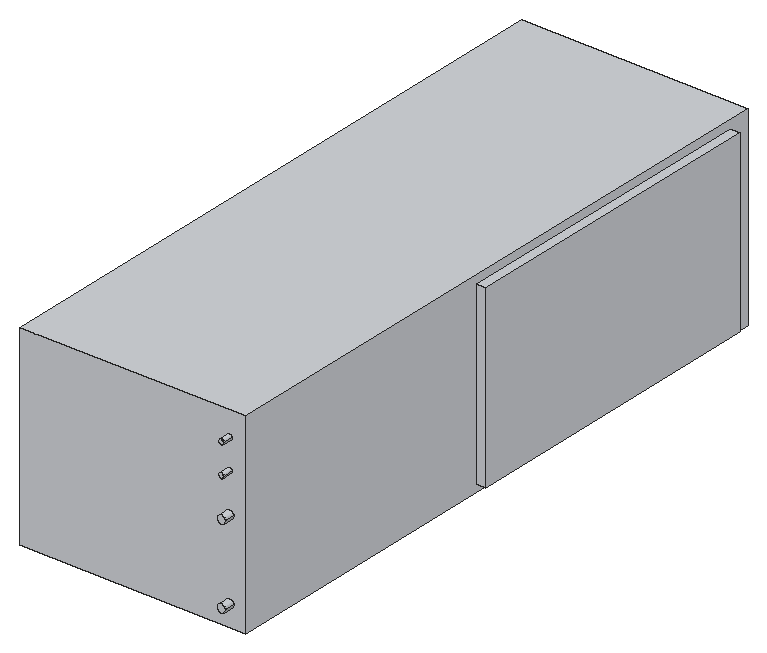
Revit family "M_WSHP - Horizontal - Alta eficiência - 7-18 kW - Retorno direita - Descarga traseira", category Equipamento mecânico, Revit 2019
Family settings
  Cota do conector redondo = Usar raio
  Tipo de parte = Normal
  Número OmniClass = 23.75.10.21.17
  Título OmniClass = Water-Source Heat Pumps
  ID de item do Seek = WSHP - Horizontal - High Efficiency - 7-18 kW - Right Return - Back Discharge-0000-CAN-ENU
  Com base no plano de trabalho = Não
  Sempre na vertical = Sim
  Corte com vazios quando carregada = Não
  Compartilhado = Não
  Ponto de cálculo do ambiente = Não
Parameters (values of type "7 kW")
  Raio do fornecimento de água = 10 mm
  Diâmetro do fornecimento de água = Raio do fornecimento de água * 2  # 20 mm
  Raio do retorno da água = 10 mm
  Diâmetro do retorno da água = Raio do retorno da água * 2  # 20 mm
  Queda de pressão da água [instance] = 24131.6 Pa
  Fluxo da água [instance] = 0.5 L/s
  Voltagem = 208 V
  Largura do ar de fornecimento = 400 mm
  Altura do ar de fornecimento = 325 mm
  Altura do ar de retorno = 450 mm
  Largura do ar de retorno = 800 mm
  Largura da bomba = 1579.9 mm
  Material da bomba = none
  Comprimento da bomba = 568.9 mm
  Altura da bomba = 490.2 mm
  Número de pólos = 3
  Classificação de carga = Refrigeração
  Raio do fornecimento de água quente = 6 mm
  Diâmetro do fornecimento de água quente = Raio do fornecimento de água quente * 2  # 12 mm
  Raio do retorno de água quente = 6 mm
  Diâmetro do retorno de água quente = Raio do retorno de água quente * 2  # 12 mm
  Fluxo da água quente [instance] = 0.32 L/s
  Raio da condensação = 10 mm
  Fluxo da drenagem [instance] = 0.0 L/s
  Diâmetro da condensação = Raio da condensação * 2  # 20 mm
  C6 Deslocamento 1 = 55.9 mm
  C5 Deslocamento 2 = 91.5 mm
  C5 Deslocamento 1 = 50.8 mm
  C4 Deslocamento 1 = 353 mm
  C3 Deslocamento 1 = 429.2 mm
  C2 Deslocamento 1 = 254 mm
  C1 Deslocamento 1 = 53.4 mm
  Carga aparente = 3952 VA
  Pressão estática externa = 149.3 Pa
  Fluxo de ar [instance] = 377.56 L/s
Types (5, lengths in mm): name | Raio do fornecimento de água | Diâmetro do fornecimento de água | Raio do retorno da água | Diâmetro do retorno da água | Queda de pressão da água | Fluxo da água | Largura do ar de fornecimento | Altura do ar de fornecimento | Altura do ar de retorno | Largura do ar de retorno | Largura da bomba | Comprimento da bomba | Altura da bomba | Fluxo da água quente | C5 Deslocamento 2 | C5 Deslocamento 1 | C4 Deslocamento 1 | C3 Deslocamento 1 | C2 Deslocamento 1 | C1 Deslocamento 1 | Carga aparente | Pressão estática externa | Fluxo de ar
  (no name) | 10 | 20 | 10 | 20 | 24131.6 Pa | 0.5 L/s | 400 | 325 | 450 | 800 | 1579.9 | 568.9 | 490.2 | 0.32 L/s | 91.5 | 50.8 | 353 | 429.2 | 254 | 53.4 | 3952 VA | 149.3 Pa | 377.56 L/s
  7 kW | 10 | 20 | 10 | 20 | 24131.6 Pa | 0.5 L/s | 400 | 325 | 450 | 800 | 1579.9 | 568.9 | 490.2 | 0.32 L/s | 91.5 | 50.8 | 353 | 429.2 | 254 | 53.4 | 3952 VA | 149.3 Pa | 377.56 L/s
  11 kW | 10 | 20 | 10 | 20 | 31026.4 Pa | 0.57 L/s | 450 | 475 | 500 | 900 | 1808.5 | 645.1 | 541 | 0.5 L/s | 78.8 | 25.4 | 370.9 | 480 | 274.3 | 151.4 | 5283 VA | 149.3 Pa | 566.34 L/s
  14 kW | 15 | 30 | 15 | 30 | 24821.1 Pa | 0.76 L/s | 450 | 475 | 500 | 1050 | 1935.5 | 645.1 | 541 | 0.63 L/s | 78.8 | 25.4 | 396.3 | 480 | 274.3 | 151.4 | 6780 VA | 199.07 Pa | 755.12 L/s
  18 kW | 15 | 30 | 15 | 30 | 24821.1 Pa | 0.95 L/s | 450 | 475 | 500 | 1150 | 2062.5 | 645.1 | 541 | 0.82 L/s | 78.8 | 25.4 | 396.3 | 480 | 274.3 | 151.4 | 7696 VA | 199.07 Pa | 943.89 L/s
Reference planes
  plane 1 "Centro (Frente/Trás)": y = 0
  plane 2: z = 0
  plane 3 "Centro (Esquerda/Direita)": x = 0
  plane 4: y = 1579.9
  plane 5: x = 568.9
  plane 6: z = 490.2
  plane 7: y = 1524
  plane 8: y = 724
  plane 9: z = 245.1
  plane 10: z = 470.1
  plane 11: z = 20.1
  plane 12: x = 491.5
  plane 13: x = 91.5
  plane 14: y = 1605.3
  plane 15: z = 86.36
  plane 16: z = 86.36
  plane 17: x = 511.75
  plane 18: z = 363.2
  plane 19: x = 40.64
  plane 20: x = 528.26
  plane 21: z = 53.4
  plane 22: z = 254
  plane 23: z = 353
  plane 24: z = 429.2
  plane 25: y = -25.4
  plane 26: x = 594.3
  plane 27: z = 439.4
  plane 28: z = 114.4
Forms (mm)
  Extrusion 1, solid, material <- "Material da bomba"
    sketch origin (0, 0, 0) x (1, 0, 0) y (0, 1, 0)
      loop
        line (0, 0) -> (568.9, 0) -> (568.9, 1579.9) -> (0, 1579.9) -> (0, 0)
    from 0 to 490.2
  Extrusion 2, solid, material <- "Material da bomba"
    sketch origin (0, 0, 0) x (1, 0, 0) y (0, 0, 1)
      loop
        line (491.5, 439.4) -> (91.5, 439.4) -> (91.5, 114.4) -> (491.5, 114.4) -> (491.5, 439.4)
    from -1605.3 to -1579.9
  Extrusion 3, solid, material <- "Material da bomba"
    sketch origin (0, 0, 0) x (1, 0, 0) y (0, 0, 1)
      loop
        circle (511.75, 86.36) r 10
    from -1605.3 to -1579.9
  Extrusion 4, solid, material <- "Material da bomba"
    sketch origin (0, 0, 0) x (1, 0, 0) y (0, 0, 1)
      loop
        circle (40.64, 363.2) r 25.4
    from -62.547 to 0
  Extrusion 5, solid, material <- "Material da bomba"
    sketch origin (0, 0, 0) x (1, 0, 0) y (0, 0, 1)
      loop
        circle (528.26, 53.4) r 10
    from 0 to 25.4
  Extrusion 6, solid, material <- "Material da bomba"
    sketch origin (0, 0, 0) x (1, 0, 0) y (0, 0, 1)
      loop
        circle (528.26, 254) r 10
    from 0 to 25.4
  Extrusion 7, solid, material <- "Material da bomba"
    sketch origin (0, 0, 0) x (1, 0, 0) y (0, 0, 1)
      loop
        circle (528.26, 353) r 6
    from 0 to 25.4
  Extrusion 8, solid, material <- "Material da bomba"
    sketch origin (0, 0, 0) x (1, 0, 0) y (0, 0, 1)
      loop
        circle (528.26, 429.2) r 6
    from 0 to 25.4
  Extrusion 9, solid, material <- "Material da bomba"
    sketch origin (0, 0, 0) x (0, 1, 0) y (0, 0, 1)
      loop
        line (1524, 470.1) -> (724, 470.1) -> (724, 20.1) -> (1524, 20.1) -> (1524, 470.1)
    from 568.9 to 594.3
  Extrusion 10, solid, material <- "Material da bomba"
    sketch origin (0, 0, 0) x (1, 0, 0) y (0, 0, 1)
      loop
        circle (40.64, 363.2) r 25.4
    from -25.4 to 0
Cuts and joins
  joined: Extrusion 1, Extrusion 2, Extrusion 3, Extrusion 4, Extrusion 5, Extrusion 6, Extrusion 7, Extrusion 8, Extrusion 9, Extrusion 10
Dimensions and locks
  "Largura da bomba": plane 4 to plane 1 "Centro (Frente/Trás)"
  "Comprimento da bomba": plane 3 "Centro (Esquerda/Direita)" to plane 5
  "Altura da bomba": plane 6 to level
  "C6 Deslocamento 1": plane 4 to plane 7
  "Largura do ar de retorno": plane 7 to plane 8
  equal spacing: plane 11, plane 9, plane 10
  "Altura do ar de retorno": plane 11 to plane 10
  "C5 Deslocamento 2": plane 3 "Centro (Esquerda/Direita)" to plane 13
  "Largura do ar de fornecimento": plane 13 to plane 12
  locked: plane 14 to plane 4 at 25.4
  locked: plane 2 to plane 16 at 86.36
  locked: plane 5 to plane 17 at 57.15
  locked: plane 19 to plane 3 "Centro (Esquerda/Direita)" at 40.64
  locked: plane 6 to plane 18 at 127
  locked: plane 20 to plane 5 at 40.64
  "C1 Deslocamento 1": plane 21 to plane 2
  "C2 Deslocamento 1": plane 22 to level
  "C4 Deslocamento 1": plane 23 to level
  "C3 Deslocamento 1": plane 24 to level
  locked: plane 25 to plane 1 "Centro (Frente/Trás)" at 25.4
  locked: plane 5 to plane 26 at 25.4
  "C5 Deslocamento 1": plane 27 to plane 6
  "Altura do ar de fornecimento": plane 28 to plane 27
  equal spacing: plane 6, plane 9, level
  "Raio da condensação": radius of Extrusion 3 sketch curve
  radius of Extrusion 4 sketch curve = 25.4 mm
  "Raio do fornecimento de água": radius of Extrusion 5 sketch curve
  "Raio do retorno da água": radius of Extrusion 6 sketch curve
  "Raio do retorno de água quente": radius of Extrusion 7 sketch curve
  "Raio do fornecimento de água quente": radius of Extrusion 8 sketch curve
  aligned and locked: plane 3 "Centro (Esquerda/Direita)" to Extrusion 1 sketch curve
  aligned and locked: plane 1 "Centro (Frente/Trás)" to Extrusion 1 sketch curve
  aligned and locked: plane 4 to Extrusion 1 sketch curve
  aligned and locked: plane 5 to Extrusion 1 sketch curve
  aligned and locked: plane 6 to Extrusion 1
  aligned and locked: Extrusion 1 to level
  aligned and locked: plane 12 to Extrusion 2 sketch curve
  aligned and locked: plane 13 to Extrusion 2 sketch curve
  aligned and locked: plane 14 to Extrusion 2
  aligned and locked: Extrusion 2 to plane 4
  aligned and locked: Extrusion 3 to Extrusion 2
  aligned and locked: Extrusion 3 to plane 4
  aligned and locked: plane 16 to Extrusion 3 sketch curve
  aligned and locked: plane 17 to Extrusion 3 sketch curve
  aligned and locked: plane 18 to Extrusion 4 sketch curve
  aligned and locked: plane 19 to Extrusion 4 sketch curve
  aligned and locked: plane 21 to Extrusion 5 sketch curve
  aligned and locked: plane 20 to Extrusion 5 sketch curve
  aligned and locked: plane 20 to Extrusion 6 sketch curve
  aligned and locked: plane 22 to Extrusion 6 sketch curve
  aligned and locked: plane 20 to Extrusion 7 sketch curve
  aligned and locked: plane 23 to Extrusion 7 sketch curve
  aligned and locked: plane 20 to Extrusion 8 sketch curve
  aligned and locked: plane 24 to Extrusion 8 sketch curve
  aligned and locked: Extrusion 8 to plane 25
  aligned and locked: Extrusion 7 to Extrusion 8
  aligned and locked: Extrusion 6 to Extrusion 7
  aligned and locked: Extrusion 6 to Extrusion 5  (x2)
  aligned and locked: Extrusion 5 to plane 1 "Centro (Frente/Trás)"
  aligned and locked: Extrusion 5 to Extrusion 1
  aligned and locked: Extrusion 8 to plane 1 "Centro (Frente/Trás)"
  aligned and locked: plane 7 to Extrusion 9 sketch curve
  aligned and locked: plane 10 to Extrusion 9 sketch curve
  aligned and locked: plane 11 to Extrusion 9 sketch curve
  aligned and locked: plane 8 to Extrusion 9 sketch curve
  aligned and locked: plane 26 to Extrusion 9
  aligned and locked: Extrusion 9 to plane 5
  aligned and locked: Extrusion 2 sketch curve to plane 27
  aligned and locked: plane 28 to Extrusion 2 sketch curve
  aligned and locked: plane 19 to Extrusion 10 sketch curve
  aligned and locked: plane 18 to Extrusion 10 sketch curve
  aligned and locked: plane 1 "Centro (Frente/Trás)" to Extrusion 10
Automatic sketch dimensions
  radius of Extrusion 10 sketch curve = 25.4 mm
Connectors
  piping at (528.26, -25.4, 53.4), diameter 20, driven by "Raio do fornecimento de água", driven by "Fluxo da água"
    settings: on Extrusion 5, index 1, connector inside diameter 20 mm, connector length 0 mm, flow factor 0, pipe flow 0.5 L/s, pressure drop 0.0 Pa, fitting loss kfactor 0, connector angle 0.00°, fixture units 0, engagement length 0 mm, angle of deflection 0.00°, flow configuration 1, flow direction 1, fitting loss method 0, system type 7, joint type 0, gender type 0, connector reference index 2, connector utility 0, adjustable connector no, is connector primary yes, connector description "Entrada do fornecimento de água"
  piping at (528.26, -25.4, 254), diameter 20, driven by "Raio do retorno da água", driven by "Fluxo da água", driven by "Queda de pressão da água"
    settings: on Extrusion 6, index 2, connector inside diameter 20 mm, connector length 0 mm, flow factor 0, pipe flow 0.5 L/s, pressure drop 24131.6 Pa, fitting loss kfactor 0, connector angle 0.00°, fixture units 0, engagement length 0 mm, angle of deflection 0.00°, flow configuration 1, flow direction 2, fitting loss method 4, system type 8, joint type 0, gender type 0, connector reference index 1, connector utility 0, adjustable connector no, is connector primary no, connector description "Saída do retorno da água"
  piping at (528.26, -25.4, 429.2), diameter 12, driven by "Fluxo da água quente", driven by "Raio do fornecimento de água quente"
    settings: on Extrusion 8, index 3, connector inside diameter 12 mm, connector length 0 mm, flow factor 0, pipe flow 0.32 L/s, pressure drop 0.0 Pa, fitting loss kfactor 0, connector angle 0.00°, fixture units 0, engagement length 0 mm, angle of deflection 0.00°, flow configuration 0, flow direction 2, fitting loss method 0, system type 7, joint type 0, gender type 0, connector reference index 4, connector utility 0, adjustable connector no, is connector primary no, connector description "Saída do fornecimento de água quente"
  piping at (528.26, -25.4, 353), diameter 12, driven by "Raio do retorno de água quente", driven by "Fluxo da água quente"
    settings: on Extrusion 7, index 4, connector inside diameter 12 mm, connector length 0 mm, flow factor 0, pipe flow 0.32 L/s, pressure drop 0.0 Pa, fitting loss kfactor 0, connector angle 0.00°, fixture units 0, engagement length 0 mm, angle of deflection 0.00°, flow configuration 0, flow direction 1, fitting loss method 0, system type 8, joint type 0, gender type 0, connector reference index 3, connector utility 0, adjustable connector no, is connector primary no, connector description "Entrada do retorno de água quente"
  hvac at (291.5, 1605.3, 276.9), driven by "Fluxo de ar", driven by "Largura do ar de fornecimento", driven by "Altura do ar de fornecimento"
    settings: on Extrusion 2, index 5, duct flow 377.56 L/s, flow factor 0, pres drop 0.0 Pa, loss coef 0, conn angle 0.00°, conn width 400 mm, conn height 325 mm, conn diameter 609.6 mm, duct sys type 1, conn prof type 1, flow config 0, flow direction 2, loss method 0, conn ref index 6, conn util no, is conn primary yes, conn desc ""
  hvac at (594.3, 1124, 245.1), driven by "Fluxo de ar", driven by "Altura do ar de retorno", driven by "Largura do ar de retorno"
    settings: on Extrusion 9, index 6, duct flow 377.56 L/s, flow factor 0, pres drop 0.0 Pa, loss coef 0, conn angle 0.00°, conn width 800 mm, conn height 450 mm, conn diameter 609.6 mm, duct sys type 2, conn prof type 1, flow config 0, flow direction 1, loss method 0, conn ref index 5, conn util no, is conn primary no, conn desc ""
  piping at (511.75, 1605.3, 86.36), diameter 20, driven by "Fluxo da drenagem", driven by "Raio da condensação"
    settings: on cut or joined group of Extrusion 1, Extrusion 2, Extrusion 3, Extrusion 4, Extrusion 5, Extrusion 6, Extrusion 7, Extrusion 8, Extrusion 9, Extrusion 10, index 7, connector inside diameter 20 mm, connector length 0 mm, flow factor 0, pipe flow 0.0 L/s, pressure drop 0.0 Pa, fitting loss kfactor 0, connector angle 0.00°, fixture units 0, engagement length 0 mm, angle of deflection 0.00°, flow configuration 1, flow direction 2, fitting loss method 0, system type 16, joint type 0, gender type 0, connector reference index -1, connector utility 0, adjustable connector yes, is connector primary no, connector description "Saída de condensação"
  electrical at (40.64, 0, 363.2), driven by "Carga aparente", driven by "Voltagem", driven by "Número de pólos", driven by "Classificação de carga"
    settings: on Extrusion 10, index 8, voltage 208 V, apparent load 3952 VA, apparent load phase1 0 VA, apparent load phase2 0 VA, apparent load phase3 0 VA, power factor 0.8, load classification "Refrigeração", number of poles 3, system type 30, power factor state 1, is connector primary yes, connector utility no, sub classification motor no, connector description ""
